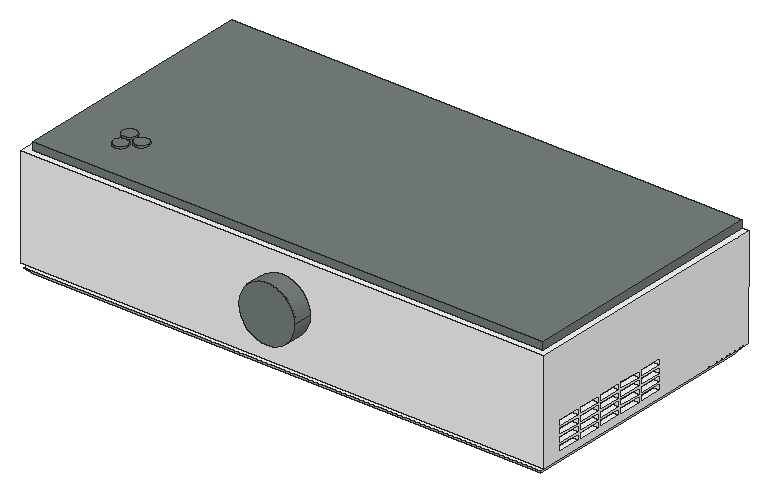
Revit family "AM 150 HHDIB", category Mechanical Equipment, Revit 2019
Family settings
  Round Connector Dimension = Use Diameter
  Part Type = Normal
  OmniClass Number = 23.75.00.00
  OmniClass Title = Climate Control (HVAC)
  Work Plane-Based = No
  Always vertical = Yes
  Cut with Voids When Loaded = No
  Shared = No
  Room Calculation Point = No
Parameters
  publication date = "09.10.2024"
  Weight (Standard Unit) = 47  # constant formula
  Water Heater Surface Return = 15 mm  # constant formula
  Water Heater Surface IN = 15 mm  # constant formula
  Version number = "1.0"
  URL = "https://www.airmaster-as.com/products/ventilation-units-wall-mounted/am-150"
  Total Width = 1170 mm  # constant formula
  Total Hight = 262 mm  # constant formula
  T-C Duct Supply = 158 mm  # constant formula
  T-C Duct Exhaust = 158 mm  # constant formula
  Supply Air in = 125 mm  # constant formula
  Suply Air In = 160 mm  # constant formula
  Return Air = 125 mm  # constant formula
  R-C Duct Supply = 105 mm  # constant formula
  Phase 1 - Max Power Consumption = "1175 W"
  Phase 1 - Max Current = "7,97 A"
  Nominal current, electrical preheating surface = "4,35 A"
  Nominal current, electrical comfort heating surface = "2,17 A"
  Nominal current, air handling unit = "0,3 A"
  Network Conection = "AWG 24 CAT 5e STP"
  Model = "AM 150 HHDIB"
  Max. flow rate 35 dB(A) with ePM10 80% filters = 120.00 m³  # constant formula
  Max. flow rate 35 dB(A) with ePM10 55% filters = 137.00 m³  # constant formula
  Max. flow rate 35 dB(A) with ePM10 50% filters = 156.00 m³  # constant formula
  Max. flow rate 30 dB(A) with ePM10 80% filters = 91.00 m³  # constant formula
  Max. flow rate 30 dB(A) with ePM10 55% filters = 98.00 m³  # constant formula
  Max. flow rate 30 dB(A) with ePM10 50% filters = 123.00 m³  # constant formula
  Manufacturer = "Airmaster A/S"
  Maintenance [instance] = no
  L-C Duct Exhaust = 105 mm  # constant formula
  Exhaust Air = 160 mm  # constant formula
  Total Depth = 571 mm  # constant formula
  Electrical connection = "1 ~ 230 V / N / PE / 50 Hz"
  Drawn By = "LSB"
  Condensate = 6 mm  # constant formula
  BMS Panel = "(PTS) 2x2x0,6"
  BMS Out = "(PTS) 2x2x0,6"
  BMS IN = "(PTS) 2x2x0,6"
Reference planes
  plane 1 "Center (Front/Back)": y = 0
  plane 2: z = 0
  plane 3 "Center (Left/Right)": x = 0
  plane 4 "Center L/S": y = -571
  plane 5 "Center L/T": x = -585
  plane 6 "Center L/U": x = 585
  plane 7 "TOP": z = 262
  plane 8 "Center L/V": x = -570
  plane 9 "Center L/W": y = -556
  plane 10 "Center L/X": x = 570
  plane 11 "Panel Buttom": z = 20.747
  plane 12 "Panel Top": z = 246.501
  plane 13 "Hatch": z = 14.5
Forms (mm)
  Extrusion 1, solid, material "AM Grey"
    sketch origin (0, 0, 0) x (1, 0, 0) y (0, 1, 0)
      loop
        line (-570, 0) -> (-570, -556) -> (570, -556) -> (570, 0) -> (-570, 0)
    from 14.5 to 262
  Extrusion 2, solid, material "AM White"
    sketch origin (794.5, -1524, 20.747) x (0, -1, 0) y (-1, 0, 0)
      loop
        line (-1524, 1379.5) -> (-1524, 1364.5) -> (-968, 1364.5) -> (-968, 224.5) -> (-1524, 224.5) -> (-1524, 209.5) -> (-953, 209.5) -> (-953, 1379.5) -> (-1524, 1379.5)
    from 0 to -225.754
  Blend 3, solid, material "AM White"
    base sketch origin (-790.646, -1524, 14.5) x (0, -1, 0) y (1, 0, 0)
      loop
        line (-953, 212.613) -> (-953, 1368.657) -> (-1524, 1368.657) -> (-1524, 212.613) -> (-953, 212.613)
    top sketch origin (-790.646, -1524, 14.5) x (0, -1, 0) y (1, 0, 0)
      loop
        line (-968, 223.963) -> (-968, 1357.646) -> (-1509.161, 1357.646) -> (-1509.161, 223.963) -> (-968, 223.963)
    from 0 to -14.5
  Extrusion 4, solid, material "AM Grey"
    sketch origin (-570, 0, 0) x (1, 0, 0) y (0, 0, -1)
      loop
        circle (1050, -119.501) r 78
      loop
        circle (1050, -119.501) r 77.16
    from 0 to 18.45
  Extrusion 5, solid, material "AM Grey"
    sketch origin (-785, 0, 0) x (1, 0, 0) y (0, 0, -1)
      loop
        circle (305, -119.501) r 78
      loop
        circle (305, -119.501) r 77.16
    from 0 to 18.45
  Extrusion 6, solid, material "Maintenece", visible <- "Maintenance"
    sketch origin (-790.646, -1524, 0) x (1, 0, 0) y (0, -1, 0)
      loop
        line (205.646, -1524) -> (1375.646, -1524) -> (1375.646, -953) -> (205.646, -953) -> (205.646, -1524)
    from 0 to 1200
  Extrusion 7, solid, material "AM Grey"
    sketch origin (-876.982, -12.495, 262) x (1, 0, 0) y (0, 1, 0)
      loop
        circle (423.027, -417.273) r 15.55
    from 0 to 3
  Extrusion 8, solid, material "AM Grey"
    sketch origin (-866.134, 5.874, 262) x (1, 0, 0) y (0, 1, 0)
      loop
        circle (447.132, -446.023) r 15.55
    from 0 to 3
  Extrusion 9, solid, material "AM Grey"
    sketch origin (-855.713, -13.073, 262) x (1, 0, 0) y (0, 1, 0)
      loop
        circle (410.201, -452.535) r 15.55
    from 0 to 3
  Extrusion 10, solid, material "AM Grey"
    sketch origin (585, -571, 20.747) x (-1, 0, 0) y (0, 0, -1)
      loop
        circle (585, -122.253) r 62.5
    from 0 to 42
  Extrusion 11, void
    sketch origin (585, 0, 20.747) x (0, 1, 0) y (0, 0, -1)
      loop
        line (-528.7, -79.253) -> (-474.7, -79.253) -> (-474.7, -65.253) -> (-528.7, -65.253) -> (-528.7, -79.253)
      loop
        line (-528.7, -62.253) -> (-474.7, -62.253) -> (-474.7, -48.253) -> (-528.7, -48.253) -> (-528.7, -62.253)
      loop
        line (-528.7, -45.253) -> (-474.7, -45.253) -> (-474.7, -31.253) -> (-528.7, -31.253) -> (-528.7, -45.253)
      loop
        line (-528.7, -28.253) -> (-474.7, -28.253) -> (-474.7, -14.253) -> (-528.7, -14.253) -> (-528.7, -28.253)
      loop
        line (-471.7, -79.253) -> (-417.7, -79.253) -> (-417.7, -65.253) -> (-471.7, -65.253) -> (-471.7, -79.253)
      loop
        line (-471.7, -62.253) -> (-417.7, -62.253) -> (-417.7, -48.253) -> (-471.7, -48.253) -> (-471.7, -62.253)
      loop
        line (-471.7, -45.253) -> (-417.7, -45.253) -> (-417.7, -31.253) -> (-471.7, -31.253) -> (-471.7, -45.253)
      loop
        line (-471.7, -28.253) -> (-417.7, -28.253) -> (-417.7, -14.253) -> (-471.7, -14.253) -> (-471.7, -28.253)
      loop
        line (-414.7, -79.253) -> (-360.7, -79.253) -> (-360.7, -65.253) -> (-414.7, -65.253) -> (-414.7, -79.253)
      loop
        line (-414.7, -62.253) -> (-360.7, -62.253) -> (-360.7, -48.253) -> (-414.7, -48.253) -> (-414.7, -62.253)
      loop
        line (-414.7, -45.253) -> (-360.7, -45.253) -> (-360.7, -31.253) -> (-414.7, -31.253) -> (-414.7, -45.253)
      loop
        line (-414.7, -28.253) -> (-360.7, -28.253) -> (-360.7, -14.253) -> (-414.7, -14.253) -> (-414.7, -28.253)
      loop
        line (-357.7, -79.253) -> (-303.7, -79.253) -> (-303.7, -65.253) -> (-357.7, -65.253) -> (-357.7, -79.253)
      loop
        line (-357.7, -62.253) -> (-303.7, -62.253) -> (-303.7, -48.253) -> (-357.7, -48.253) -> (-357.7, -62.253)
      loop
        line (-357.7, -45.253) -> (-303.7, -45.253) -> (-303.7, -31.253) -> (-357.7, -31.253) -> (-357.7, -45.253)
      loop
        line (-357.7, -28.253) -> (-303.7, -28.253) -> (-303.7, -14.253) -> (-357.7, -14.253) -> (-357.7, -28.253)
      loop
        line (-300.7, -79.253) -> (-246.7, -79.253) -> (-246.7, -65.253) -> (-300.7, -65.253) -> (-300.7, -79.253)
      loop
        line (-300.7, -62.253) -> (-246.7, -62.253) -> (-246.7, -48.253) -> (-300.7, -48.253) -> (-300.7, -62.253)
      loop
        line (-300.7, -45.253) -> (-246.7, -45.253) -> (-246.7, -31.253) -> (-300.7, -31.253) -> (-300.7, -45.253)
      loop
        line (-300.7, -28.253) -> (-246.7, -28.253) -> (-246.7, -14.253) -> (-300.7, -14.253) -> (-300.7, -28.253)
    from 0 to 15
Cuts and joins
  Extrusion 11 cuts Extrusion 2
  Extrusion 11 cuts Extrusion 1
Dimensions and locks
  "Total Depth": plane 4 "Center L/S" to plane 1 "Center (Front/Back)"
  equal spacing: plane 5 "Center L/T", plane 3 "Center (Left/Right)", plane 6 "Center L/U"
  "Total Width": plane 5 "Center L/T" to plane 6 "Center L/U"
  "Total Hight": plane 7 "TOP" to level
  locked: plane 10 "Center L/X" to plane 6 "Center L/U" at 15
  locked: plane 4 "Center L/S" to plane 9 "Center L/W" at 15
  locked: plane 5 "Center L/T" to plane 8 "Center L/V" at 15
  Extrusion 1 to Blend 3 sketch curve = 14.839 mm
  Extrusion 10 sketch curve to plane 5 "Center L/T" = 585 mm
  plane 7 "TOP" to Extrusion 10 sketch curve = 119 mm
  diameter of Extrusion 10 sketch curve = 125 mm
  aligned and locked: level to plane 2
  aligned and locked: plane 1 "Center (Front/Back)" to Extrusion 1 sketch curve
  aligned and locked: plane 8 "Center L/V" to Extrusion 1 sketch curve
  aligned and locked: Extrusion 1 sketch curve to plane 9 "Center L/W"
  aligned and locked: Extrusion 1 sketch curve to plane 10 "Center L/X"
  aligned and locked: plane 7 "TOP" to Extrusion 1
  aligned and locked: plane 5 "Center L/T" to Extrusion 2 sketch curve
  aligned and locked: plane 4 "Center L/S" to Extrusion 2 sketch curve
  aligned and locked: plane 6 "Center L/U" to Extrusion 2 sketch curve
  aligned and locked: Extrusion 2 sketch curve to Extrusion 1  (x3)
  aligned and locked: plane 1 "Center (Front/Back)" to Extrusion 2 sketch curve
  aligned and locked: Extrusion 2 to plane 12 "Panel Top"
  aligned and locked: Blend 3 to plane 2
  aligned and locked: plane 13 "Hatch" to Extrusion 1
Automatic sketch dimensions
  plane 1 "Center (Front/Back)" to Extrusion 2 sketch curve = 0 mm
  plane 1 "Center (Front/Back)" to Blend 3 sketch curve = 0 mm
  plane 4 "Center L/S" to Blend 3 sketch curve = 0 mm
  plane 5 "Center L/T" to Blend 3 sketch curve = 6.967 mm
  Blend 3 sketch curve to plane 6 "Center L/U" = 6.989 mm
  plane 9 "Center L/W" to Blend 3 sketch curve = 0 mm
  plane 8 "Center L/V" to Blend 3 sketch curve = 3.316 mm
  Blend 3 sketch curve to plane 10 "Center L/X" = 3 mm
  Extrusion 6 sketch curve to Blend 3 = 18.316 mm
  Extrusion 6 sketch curve to Blend 3 = 18 mm
  Extrusion 6 sketch curve to Blend 3 = 15 mm
  Extrusion 6 sketch curve to Blend 3 = 14.839 mm
  Extrusion 7 sketch curve to Extrusion 1 = 1023.955 mm
  Extrusion 7 sketch curve to Extrusion 1 = 126.232 mm
  Extrusion 8 sketch curve to Extrusion 1 = 989.002 mm
  Extrusion 8 sketch curve to Extrusion 1 = 115.851 mm
  Extrusion 9 sketch curve to Extrusion 1 = 1015.512 mm
  Extrusion 9 sketch curve to Extrusion 1 = 90.392 mm
  Extrusion 11 sketch curve to Extrusion 2 = 146.501 mm
  Extrusion 11 sketch curve to Extrusion 2 = 528.7 mm
  Extrusion 11 sketch curve to Extrusion 11 sketch curve = 0 mm  (x38)
  Extrusion 11 sketch curve to Extrusion 11 sketch curve = 54 mm  (x5)
  Extrusion 11 sketch curve to Extrusion 11 sketch curve = 3 mm  (x23)
  Extrusion 11 sketch curve to Extrusion 11 sketch curve = 14 mm  (x12)
  radius of Extrusion 7 sketch curve = 15.55 mm
  radius of Extrusion 8 sketch curve = 15.55 mm
  radius of Extrusion 9 sketch curve = 15.55 mm
Nested families
  nested 1: "Model Label 2019" at (0, -361.924, 0), Label <- "Model", type "Model Label 2019"
    with Label "AM 150 HHDIB"
  nested 2: "Pil Indtag" at (1085, -317.7, 0) x (-1, 0, 0) z (0, 0, 1), type "Pil Indtag"
    with dX_ 609 mm, dX 609 mm, ang2D 0.00°
Connectors
  electrical at (-453.955, -429.768, 262)
    settings: on Extrusion 7, index 13, voltage 230 V, apparent load 0 VA, apparent load phase1 0 VA, apparent load phase2 0 VA, apparent load phase3 0 VA, power factor 0.55, load classification "Other", number of poles 1, system type 30, power factor state 1, is connector primary yes, connector utility no, sub classification motor no, connector description ""
  electrical at (-419.002, -440.149, 262), driven by "BMS Out"
    settings: on Extrusion 8, index 14, voltage 0 V, apparent load 0 VA, apparent load phase1 0 VA, apparent load phase2 0 VA, apparent load phase3 0 VA, power factor 1, load classification "Other", number of poles 1, system type 5, power factor state 1, is connector primary no, connector utility no, sub classification motor no, connector description "(PTS) 2x2x0,6"
  electrical at (-445.512, -465.608, 262), driven by "BMS IN"
    settings: on Extrusion 9, index 15, voltage 0 V, apparent load 0 VA, apparent load phase1 0 VA, apparent load phase2 0 VA, apparent load phase3 0 VA, power factor 1, load classification "Other", number of poles 1, system type 5, power factor state 1, is connector primary no, connector utility no, sub classification motor no, connector description "(PTS) 2x2x0,6"
  hvac at (0, -571, 143)
    settings: on Extrusion 10, index 16, duct flow 0.0 L/s, flow factor 0, pres drop 0.0 Pa, loss coef 0, conn angle 0.00°, conn width 304.8 mm, conn height 304.8 mm, conn diameter 125 mm, duct sys type 1, conn prof type 0, flow config 2, flow direction 2, loss method 0, conn ref index -1, conn util no, is conn primary yes, conn desc ""
  hvac at (-480, 0, 119.501), driven by "Exhaust Air"
    settings: on Extrusion 5, index 17, duct flow 0.0 L/s, flow factor 0, pres drop 0.0 Pa, loss coef 0, conn angle 0.00°, conn width 304.8 mm, conn height 304.8 mm, conn diameter 160 mm, duct sys type 3, conn prof type 0, flow config 2, flow direction 2, loss method 0, conn ref index -1, conn util no, is conn primary no, conn desc ""
  hvac at (480, 0, 119.501), driven by "Suply Air In"
    settings: on Extrusion 4, index 18, duct flow 0.0 L/s, flow factor 0, pres drop 0.0 Pa, loss coef 0, conn angle 0.00°, conn width 304.8 mm, conn height 304.8 mm, conn diameter 160 mm, duct sys type 1, conn prof type 0, flow config 2, flow direction 1, loss method 0, conn ref index -1, conn util no, is conn primary no, conn desc ""
Definition of nested family "Model Label 2019"
  Parameters (values of type "Model Label 2019")
    Label [instance] = ""
  Reference planes
    plane 1: y = 0
    plane 2: x = 0
  Text (mm)
    label "Label" at (-0.131, 0.049, 0), shows "Label"
Definition of nested family "Pil Indtag"
  Parameters (values of type "Pil Indtag")
    dX_ [instance] = if(dX = 0 mm, 1 mm, dX)  # 609 mm
    dX [instance] = 609 mm
    ang2D [instance] = 0.00°
    Type Comments = "DO NOT CHANGE dX value from 608 mm ( 2 ft )"
    Afstand pil = 50 mm
  Reference planes
    plane 1 "Center (Front/Back)": y = 0
    plane 2: z = 0
    plane 3 "Center (Left/Right)": x = 0
    plane 4: x = 500
  Lines and regions (mm)
    Filled region 1, type "Concrete", in view "Ref. Level"
      outline origin (0, 0, 0) x (1, 0, 0) y (0, 1, 0)
        loop
          line (499.552, 0) -> (401.072, 17.365) -> (401.072, -17.365) -> (499.552, 0)
    reference lines, in view "Ref. Level"
      curve 1: line (50, 134.129, 0) -> (50, -145.871, 0)
    detail lines, in view "Ref. Level", not visible
      curve 2: arc (335, 0, 0) -> (385.559, -50.321, 0) -> (434.999, 1.101, 0) r 50.01
      curve 3: arc (335, 0, 0) -> (285.666, 52.633, 0) -> (235.069, 1.212, 0) r 50.01
      curve 4: line (434.999, 1.101, 0) -> (434.999, 21.156, 0)
      curve 5: line (235.069, 1.212, 0) -> (235.069, -18.844, 0)
    detail lines, in view "Ref. Level"
      curve 6: arc (225.332, 0, 0) -> (272.332, -35.211, 0) -> (294.114, 19.326, 0) r 36.995
      curve 7: arc (225.206, 0, 0) -> (173.868, 30.307, 0) -> (156.85, -26.829, 0) r 37.835
      curve 8: line (499.552, 0, 0) -> (401.072, 17.365, 0)
      curve 9: line (401.072, 17.365, 0) -> (401.072, -17.365, 0)
      curve 10: line (401.072, -17.365, 0) -> (499.552, 0, 0)
      curve 11: line (499.552, 0, 0) -> (-15.448, 0, 0)
  Dimensions and locks
    "Afstand pil": plane 3 "Center (Left/Right)" to curve 1
    plane 3 "Center (Left/Right)" to plane 4 = 500 mm
  Automatic sketch dimensions
    plane 1 "Center (Front/Back)" to Filled region 1 sketch curve = 0 mm
    Filled region 1 sketch curve to plane 4 = 0.448 mm
    plane 1 "Center (Front/Back)" to Filled region 1 sketch curve = 17.365 mm
    Filled region 1 sketch curve to plane 4 = 98.928 mm
    Filled region 1 sketch curve to plane 1 "Center (Front/Back)" = 17.365 mm
    plane 1 "Center (Front/Back)" to curve 11 = 0 mm
    plane 1 "Center (Front/Back)" to curve 7 = 4.913 mm
    plane 3 "Center (Left/Right)" to curve 7 = 187.691 mm
    curve 6 to plane 1 "Center (Front/Back)" = 0.405 mm
    curve 7 to curve 6 = 74.634 mm
    curve 9 to plane 1 "Center (Front/Back)" = 17.365 mm
    curve 9 to plane 4 = 98.928 mm
    curve 11 to plane 4 = 0.448 mm
    plane 1 "Center (Front/Back)" to curve 10 = 17.365 mm
    curve 7 to curve 7 = 30.842 mm
    curve 11 to plane 3 "Center (Left/Right)" = 15.448 mm
    curve 7 to curve 6 = 37.119 mm
    curve 7 to curve 6 = 0.126 mm
    curve 6 to plane 1 "Center (Front/Back)" = 19.326 mm
    plane 1 "Center (Front/Back)" to curve 1 = 145.871 mm
    curve 1 to plane 1 "Center (Front/Back)" = 134.129 mm
